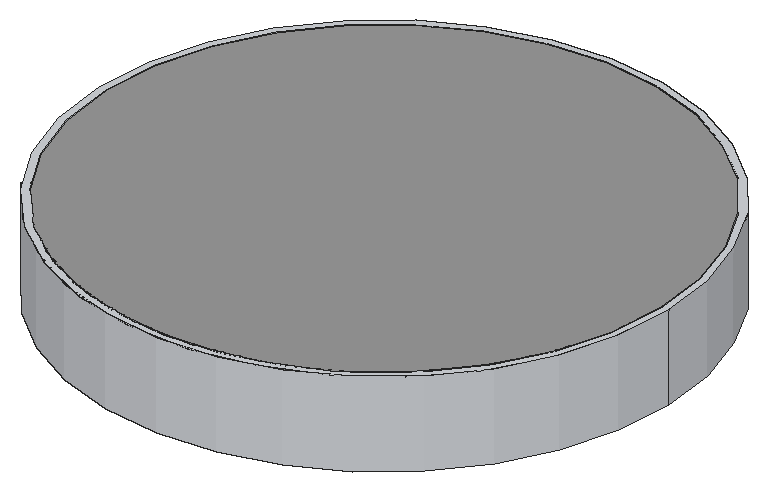
Revit family "2071122", category Lighting Fixtures, host Face, Revit 2018
Family settings
  Host = Face
  Round Connector Dimension = Use Diameter
  Part Type = Normal
  OmniClass Number = 23.80.70.00
  OmniClass Title = Lighting
  Cut with Voids When Loaded = No
  Light Source = Yes
  Shared = No
  Room Calculation Point = No
Parameters (values of type "2071122 COLOSSAL 400 940 OP DIR WHT EM")
  iner diameter = 390 mm
  Weight = "n/a"
  Wattage Comments = ""
  Wattage = 30 W
  WarrantyStartDate [instance] = "n/a"
  WarrantyGuarantorParts = "n/a"
  WarrantyDurationUnit = "n/a"
  WarrantyDurationParts = ""
  WarrantyDescription = "http://www.sylvania-lighting.com"
  built-in parameter 1150110 = 1 (stored number, unit not read)
  Voltage = 230 V
  URL = "0.95"
  TypeName = "COLOSSAL 400mm 940 OPAL DIR WHITE EM"
  Type Image = <None>
  Type Comments = "n/a"
  built-in parameter 1114217 = 1 (stored number, unit not read)
  Tilt Angle = -90.00°
  built-in parameter 1150109 = 1 (stored number, unit not read)
  built-in parameter 1150134 = (empty or 0)
  built-in parameter 1150113 = 1 (stored number, unit not read)
  SerialNumber [instance] = "n/a"
  Photometric Web File = "2071122.ies"
  Material_3_SYL = LED-Sylvania
  PowerFactor = 0
  PowerConsumption = "Lighting"
  NominalLength = 400 mm
  NominalHeight = 93 mm
  NominalDepth = 400 mm
  Name = "COLOSSAL 400mm 940 OPAL DIR WHITE EM"
  ModelReference = Name  # "COLOSSAL 400mm 940 OPAL DIR WHITE EM"
  ModelNumber = "2071122"
  Model = Name  # "COLOSSAL 400mm 940 OPAL DIR WHITE EM"
  Material = "Feilo Sylvania"
  ManufacturerName = "123 lm/W"
  Manufacturer = ""
  LuminousEfficacy = ""
  built-in parameter 1150105 = 270.44 (stored number, unit not read)
  Lumens = 3398.4 lm
  LuminaireType = "0"
  built-in parameter 1150115 = 1 (stored number, unit not read)
  LightOutputRatio = "LED"
  built-in parameter 1150137 = (empty or 0)
  built-in parameter 1150139 = (empty or 0)
  LampsType = Lamp  # "n/a"
  LampNominalLuminous = "4000 K"
  LampMacAdamStep = "90"
  LampColourTemperature = "LED"
  LampColourRenderingIndex = "16500"
  built-in parameter 1150112 = 1 (stored number, unit not read)
  built-in parameter 1150114 = 1 (stored number, unit not read)
  Lamp = "n/a"
  Keynote = "n/a"
  InstallationDate [instance] = "n/a"
  InputVoltage = "0"
  InputNominalFrequency = "4000"
  built-in parameter 1150132 = (empty or 0)
  built-in parameter 1150102 = (empty or 0)
  built-in parameter 1150107 = 3000 (stored number, unit not read)
  built-in parameter 1150138 = (empty or 0)
  IngressProtection = "IfcLightFixtureType"
  ImpactProtectionIndex = "IfcLightFixtureType"
  built-in parameter 1150106 = 2.7044 (stored number, unit not read)
  IfcExportType = "IfcLightFixtureType"
  IfcExportAs = "Class I"
  Emit from Circle Diameter = 385 mm
  Emit Shape Visible in Rendering = no
  ElectricShockClassification = "123"
  built-in parameter 1150104 = 10.524 (stored number, unit not read)
  DocumentationLiterature = "http://www.sylvania-lighting.com/product/en-int/products/2071122"
  DimmingControlOptions = "n/a"
  Material_2_SYL = Polycarbonate_Sylvania_White
  Dimming Lamp Color Temperature Shift = <None>
  Description = "400mm diameter circular architectural luminaire, can be surface mounted or suspended. Powder coated aluminium housing (RAL9016) with polycarbonate opal diffuser. Direct light distribution, 2200lm luminuous flux, 21.2W system power, 104lm/W luminiaire efficacy. Constant current driver. 3 hours integrated emergency. Colour rendering index Ra >90, 4000K Neutral White LED, chromaticity tolerance of 3-step MacAdam ellipse. IP40, IK03. 450mA drive current. Electrical protection Class1, 220-240V. Reported lifetime 66k hours L90B10."
  Default Elevation = 1219.2 mm
  CreatedOn = "22/03/2022"
  CreatedBy = "@sylvania-lighting.com"
  Cost = 0
  Color Filter = 16777215
  built-in parameter 1114216 [instance] = (empty or 0)
  ClassificationValue = "EF_70_80"
  ClassificationName = "Uniclass2015"
  Material_1_SYL = Polycarbonate_Sylvania_Opal
  BarCode [instance] = "n/a"
  built-in parameter 1114218 = 1 (stored number, unit not read)
  built-in parameter 1150133 = 10 (stored number, unit not read)
  AssetType = "Fixed"
  AssetIdentifier [instance] = "n/a"
  Assembly Code = "D5020200"
  Apparent Load = 21 VA
  Material_4_SYL = none
Reference planes
  plane 1 "Center (Front/Back)": y = 0
  plane 2: z = 0
  plane 3 "Center (Left/Right)": x = 0
  plane 4: x = -200
  plane 5: x = 200
  plane 6: y = 200
  plane 7: y = -200
  plane 8: y = 236
  plane 9: y = -236
  plane 10: z = 93
  plane 11: y = 195
  plane 12: y = -195
  plane 13: y = 90.5
  plane 14: y = 144.5
  plane 15: through (52.25, 90.5, 1219.2) normal (0.866, 0.5, 0)
  plane 16: through (52.25, 90.5, 1219.2) normal (0.866, 0.5, 0)
  plane 17: through (63.706, 126.657, 1219.2) normal (0.866, 0.5, 0)
  plane 18: through (-104.5, 0, 1219.2) normal (-0.866, 0.5, 0)
  plane 19: through (-142.394, -9.633, 1219.2) normal (-0.866, 0.5, 0)
  plane 20: y = -90.5
  plane 21: y = -118.5
  plane 22: through (85.371, -141.133, 1219.2) normal (-0.866, 0.5, 0)
  plane 23: through (52.25, -90.5, 1219.2) normal (-0.866, 0.5, 0)
  plane 24: through (-161.658, 0, 1219.2) normal (0.866, 0.5, 0)
  plane 25: through (-172.12, 9.121, 1219.2) normal (0.866, 0.5, 0)
  plane 26: through (-104.5, 0, 1219.2) normal (0.866, 0.5, 0)
Forms (mm)
  Extrusion 1, solid, detail levels medium+fine
    sketch origin (0, 0, 0) x (1, 0, 0) y (0, 1, 0)
      loop
        circle (0, 0) r 200
    from 33.023 to 93
  Extrusion 2, void
    sketch origin (0, 0, 0) x (1, 0, 0) y (0, 1, 0)
      loop
        circle (0, 0) r 195
    from 93 to 37.292
  Extrusion 3, solid, material "Glass, White, High Luminance", detail levels fine
    sketch origin (0, 0, 0) x (1, 0, 0) y (0, 1, 0)
      loop
        circle (0, 0) r 195
    from 88.026 to 93
  Extrusion 4, solid, detail levels coarse
    sketch origin (0, 0, 0) x (1, 0, 0) y (0, 1, 0)
      loop
        line (-200, 200) -> (-200, -200) -> (200, -200) -> (200, 200) -> (-200, 200)
    from 0 to 93
  Blend 5, solid, detail levels medium+fine
    base sketch origin (0, 0, 0) x (1, 0, 0) y (0, 1, 0)
      loop
        line (-52.25, 90.5) -> (-104.5, 0) -> (-52.25, -90.5) -> (52.25, -90.5) -> (104.5, 0) -> (52.25, 90.5) -> (-52.25, 90.5)
    top sketch origin (0, 0, 0) x (1, 0, 0) y (0, 1, 0)
      loop
        line (-53.405, 144.5) -> (-149.245, -21.5) -> (-93.242, -118.5) -> (98.438, -118.5) -> (151.843, -26) -> (53.405, 144.5) -> (-53.405, 144.5)
    from 0 to 33.023
Cuts and joins
  Extrusion 2 cuts Extrusion 1
Dimensions and locks
  "NominalDepth": plane 6 to plane 7
  "NominalLength": plane 4 to plane 5
  equal spacing: plane 4, plane 3 "Center (Left/Right)", plane 5
  "iner diameter": plane 11 to plane 12
  equal spacing: plane 11, plane 1 "Center (Front/Back)", plane 12
  equal spacing: plane 6, plane 1 "Center (Front/Back)", plane 7
  "NominalHeight": plane 10 to level
  plane 19 to plane 18 = 28 mm
  radius of Extrusion 2 sketch curve = 195 mm
  aligned and locked: plane 2 to host face
  aligned and locked: level to host face
Automatic sketch dimensions
  host sketch curve to host sketch curve = 2438.4 mm  (x2)
  plane 1 "Center (Front/Back)" to Extrusion 1 sketch curve = 0 mm
  Extrusion 1 sketch curve to plane 3 "Center (Left/Right)" = 0 mm
  plane 1 "Center (Front/Back)" to Extrusion 2 sketch curve = 0 mm
  Extrusion 2 sketch curve to plane 3 "Center (Left/Right)" = 0 mm
  plane 1 "Center (Front/Back)" to Extrusion 3 sketch curve = 0 mm
  Extrusion 3 sketch curve to plane 3 "Center (Left/Right)" = 0 mm
  Extrusion 4 sketch curve to plane 4 = 0 mm
  Extrusion 4 sketch curve to plane 5 = 0 mm
  Extrusion 4 sketch curve to plane 7 = 0 mm
  Extrusion 4 sketch curve to plane 6 = 0 mm
  Blend 5 sketch curve to plane 19 = 0 mm  (x2)
  Blend 5 sketch curve to plane 24 = 0 mm  (x2)
  Blend 5 sketch curve to plane 21 = 0 mm
  Blend 5 sketch curve to plane 14 = 0 mm
  Blend 5 sketch curve to plane 17 = 0 mm  (x2)
  Blend 5 sketch curve to plane 22 = 0 mm  (x2)
  radius of Extrusion 1 sketch curve = 200 mm
  radius of Extrusion 3 sketch curve = 195 mm
Connectors
  electrical at (0, 0, 0), driven by "Apparent Load", driven by "PowerFactor", driven by "Voltage"
    settings: index 1, voltage 230 V, apparent load 21 VA, apparent load phase1 0 VA, apparent load phase2 0 VA, apparent load phase3 0 VA, power factor 0, load classification "Lighting", number of poles 1, system type 30, power factor state 1, is connector primary yes, connector utility no, sub classification motor no, connector description ""
